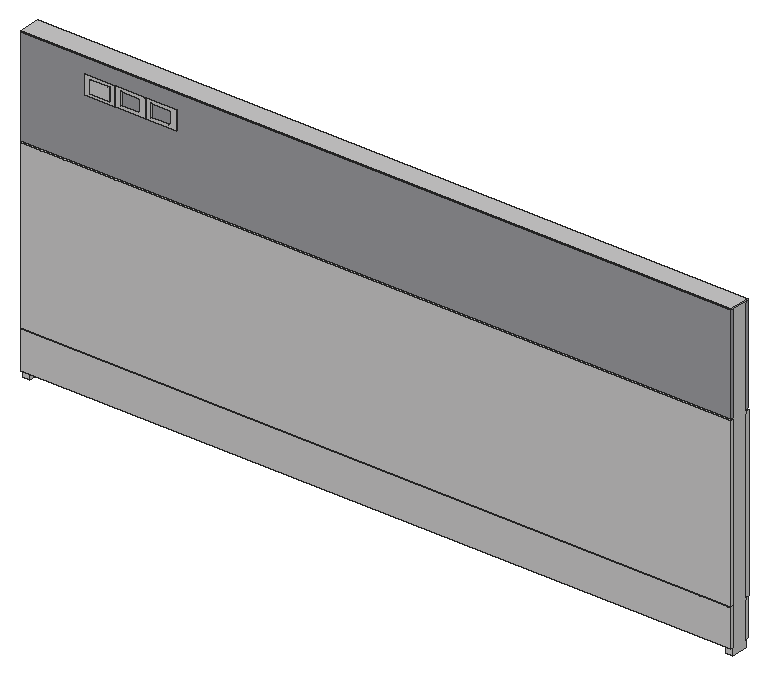
Revit family "System_Furniture-Height_Adjustable-Teknion-Typical-Freestanding_District_Open_02", category Furniture Systems, Revit 2014
Parameters (values of type "Flush 42x84")
  Tackable Fascia = Fabric - Teknion - S610 - Saturate Quarry
  Frame Constraint = if(Convertible Panel Wall, 0.4375", 0")  # 0"
  Frame = Paint - Teknion - Mica - V - Very White
  Flush Panel Material = Fabric - Teknion - S610 - Saturate Quarry
  Power Communications Fascia Material = Fabric - Teknion - S610 - Saturate Quarry
  Width = 96"
  URL = "http://www.teknion.com/"
  Trim = Paint - Teknion - Mica - V - Very White
  Top Trim [instance] = yes
  Sustainability Data = "http://www.teknion.com/about-teknion/environment/datasheets.asp"
  Pricing Guide = "http://www.teknion.com/pricing/ability/pdfs/ability.pdf"
  Panel Type = if(Convertible Panel Wall, 3.4375", 0")  # 0"
  Product Page URL = "http://www.teknion.com/pricing/district/pdfs/UNPC_ppg.pdf"
  Product Name = "District Panely Systems"  # constant formula
  Product Line = "District"  # constant formula
  Part Number = "See Pricing Guide"  # constant formula
  Model = "Convertible 29x84"
  Material = ""
  Mark = ""
  Manufacturer = "Teknion"  # constant formula
  Height = 42"
  Flush Panel Wall = not(Convertible Panel Wall)  # yes
  Disclaimer = "Please note that the Revit Model is for schematic purposes only.  To obtain a detailed list of sizes and prices, please go to the Teknions Price Guide at http://www.teknion.com/pricing/ability/pdfs/ability.pdf."  # constant formula
  Description = "Panel Wall"  # constant formula
  Convertible Panel Wall = no
  Contact Info = "info.us@teknion.com"
  Assembly Code = "E2020200"
  Additional Mat Finishes = "http://www.teknion.com/fabrics-finishes/list/ff_main.html"
  Fascia Material = Paint - Teknion - Mica - V - Very White
  Frames Note [instance] = if([2 Frames], "1 Frame has to be duplicated to make for 2 Frames", " ")  # "1 Frame has to be duplicated to make for 2 Frames"
  2 Frames [instance] = if(Width > 60", 1 = 1, 1 = 0)  # yes
  1 Frame [instance] = if(Width < 61", 1 = 1, 1 = 0)  # no
Reference planes (in)
  plane 1 "Center Front/Back": y = 0
  plane 2: z = 0
  plane 3 "Center Left/Right": x = 0
  plane 4 "Top": z = 42
  plane 5 "Bottom": z = 1
  plane 6 "Left": x = -48
  plane 7 "Right": x = 48
  plane 8 "Back": y = 1.5
  plane 9 "Front": y = -1.5
  plane 10: y = 1.125
  plane 11: y = -1.125
  plane 12: x = 47.25
  plane 13: x = -47.25
  plane 14: z = 4
  plane 15: z = 20
  plane 16: z = 42
  plane 17: y = -1.566
  plane 18: y = -1.6285
  plane 19: y = 1.566
  plane 20: y = 1.6285
  plane 21: z = 0
  plane 22: z = 42
  plane 23 "Fascia Top": z = 42
  plane 24: z = 42.125
  plane 25 "Whiteboard Top": z = 42
  plane 26: z = 0
  plane 27: z = 6
  plane 28: z = 6.125
  plane 29 "bottom base fascia": z = 1
  plane 30 "Bottom fascia top level": z = 28.85
  plane 31 "Top fascia mid level": z = 28.6
Forms (in)
  Extrusion 1, solid, material "Paint - Teknion - Mica - V - Very White" <- "Frame"
    sketch origin (0, -1.5, 0) x (-1, 0, 0) y (0, 0, 1)
      loop
        line (47, 4.5) -> (-47, 4.5) -> (-47, 3.5) -> (47, 3.5) -> (47, 4.5)
    from 0.375 to 2.625
  Extrusion 2, solid, material "Paint - Teknion - Mica - V - Very White" <- "Frame"
    sketch origin (0, -1.5, 0) x (-1, 0, 0) y (0, 0, 1)
      loop
        line (47, 0) -> (48, 0) -> (48, 42) -> (-48, 42) -> (-48, 0) -> (-47, 0) -> (-47, 41) -> (47, 41) -> (47, 0)
    from 0.375 to 2.625
  Extrusion 3, solid, material "Fabric - Teknion - S610 - Saturate Quarry" <- "Tackable Fascia"
    sketch origin (0, -1.5, 0) x (-1, 0, 0) y (0, 0, 1)
      loop
        line (48, 42) -> (-48, 42) -> (-48, 28.85) -> (48, 28.85) -> (48, 42)
    from 0 to 0.375
  Revolve 4, solid, visible <- "Convertible Panel Wall"
    sketch origin (0, 0, 0) x (1, 0, 0) y (0, 0, 1)
      loop
        line (-47.25, 1) -> (-47.96875, 1) -> (-47.96875, 0) -> (-47.25, 0) -> (-47.25, 1)
      axis (-47.25, 1) -> (-47.25, 0)
    angle from 0 to 360
  Revolve 5, solid, visible <- "Convertible Panel Wall"
    sketch origin (0, 0, 0) x (1, 0, 0) y (0, 0, 1)
      loop
        line (47.25, 1) -> (47.25, 0) -> (47.96875, 0) -> (47.96875, 1) -> (47.25, 1)
      axis (47.25, 1) -> (47.25, 0)
    angle from 0 to 360
  Extrusion 6, solid, material "Paint - Teknion - Mica - V - Very White" <- "Trim", visible <- "Top Trim"
    sketch origin (0, 0, 0) x (1, 0, 0) y (0, 1, 0)
      loop
        line (-48, 1.5) -> (-48, -1.5) -> (48, -1.5) -> (48, 1.5) -> (-48, 1.5)
    from 42 to 42.125
  Extrusion 7, solid, material "Paint - Teknion - Mica - V - Very White" <- "Fascia Material"
    sketch origin (0, -1.5, 0.5) x (-1, 0, 0) y (0, 0, 1)
      loop
        line (48, 5.5) -> (-48, 5.5) -> (-48, 0.5) -> (48, 0.5) -> (48, 5.5)
    from 0 to 0.375
  Extrusion 8, solid, material "Fabric - Teknion - S610 - Saturate Quarry" <- "Tackable Fascia"
    sketch origin (0, 1.125, 0) x (-1, 0, 0) y (0, 0, 1)
      loop
        line (48, 42) -> (-48, 42) -> (-48, 28.85) -> (48, 28.85) -> (48, 42)
    from 0 to 0.375
  Extrusion 9, solid, material "Paint - Teknion - Mica - V - Very White" <- "Fascia Material"
    sketch origin (0, 1.125, 0.5) x (-1, 0, 0) y (0, 0, 1)
      loop
        line (48, 5.5) -> (-48, 5.5) -> (-48, 0.5) -> (48, 0.5) -> (48, 5.5)
    from 0 to 0.375
  Extrusion 10, solid, material "Paint - Teknion - Mica - V - Very White" <- "Fascia Material"
    sketch origin (0, -1.5, -14.5) x (-1, 0, 0) y (0, 0, 1)
      loop
        line (48, 43.1) -> (-48, 43.1) -> (-48, 20.625) -> (48, 20.625) -> (48, 43.1)
    from 0 to 0.375
  Extrusion 11, solid, material "Paint - Teknion - Mica - V - Very White" <- "Fascia Material"
    sketch origin (1.54179, 1.125, -14.6692) x (-1, 0, 0) y (0, 0, 1)
      loop
        line (49.54179, 43.2692) -> (-46.45821, 43.2692) -> (-46.45821, 20.7942) -> (49.54179, 20.7942) -> (49.54179, 43.2692)
    from 0 to 0.375
Lines and regions (in)
  Masking region 1
    outline origin (0, 0, 0) x (1, 0, 0) y (0, 1, 0)
      loop
        line (-48, 1.5) -> (-48, -1.49946) -> (48, -1.49946) -> (48, 1.5) -> (-48, 1.5)
  Masking region 2
    outline origin (0, 0, 0) x (1, 0, 0) y (0, 1, 0)
      loop
        line (-39.25, 1.5) -> (-35.15625, 1.5) -> (-35.15625, 1.566) -> (-35.84375, 1.566) -> (-35.84375, 1.6285) -> (-38.4375, 1.6285) -> (-38.4375, 1.566) -> (-39.25, 1.566) -> (-39.25, 1.5)
      loop
        line (-35.09375, 1.5) -> (-31, 1.5) -> (-31, 1.566) -> (-35.09375, 1.566) -> (-35.09375, 1.5)
      loop
        line (-30.9375, 1.566) -> (-30.9375, 1.5) -> (-26.84375, 1.5) -> (-26.84375, 1.566) -> (-30.9375, 1.566)
  Masking region 3
    outline origin (0, 0, 0) x (1, 0, 0) y (0, 1, 0)
      loop
        line (-39.25, -1.5) -> (-39.25, -1.566) -> (-38.4375, -1.566) -> (-38.4375, -1.6285) -> (-35.84375, -1.6285) -> (-35.84375, -1.566) -> (-35.15625, -1.566) -> (-35.15625, -1.5) -> (-39.25, -1.5)
      loop
        line (-35.09375, -1.5) -> (-35.09375, -1.566) -> (-31, -1.566) -> (-31, -1.5) -> (-35.09375, -1.5)
      loop
        line (-30.9375, -1.5) -> (-30.9375, -1.566) -> (-26.84375, -1.566) -> (-26.84375, -1.5) -> (-30.9375, -1.5)
  symbolic lines
    curve 1: line (-39.25, 1.5, 0) -> (-35.15625, 1.5, 0)
    curve 2: line (-38.4375, 1.6285, 0) -> (-38.4375, 1.566, 0)
    curve 3: line (-35.84375, 1.6285, 0) -> (-38.4375, 1.6285, 0)
    curve 4: line (-35.84375, 1.566, 0) -> (-35.84375, 1.6285, 0)
Dimensions and locks (in)
  equal spacing: plane 7 "Right", plane 3 "Center Left/Right", plane 6 "Left"
  "Width": plane 7 "Right" to plane 6 "Left"
  equal spacing: plane 8 "Back", plane 1 "Center Front/Back", plane 9 "Front"
  locked: plane 8 "Back" to plane 9 "Front" at 3
  "Height": plane 4 "Top" to plane 2
  locked: plane 11 to plane 9 "Front" at 0.375
  locked: plane 8 "Back" to plane 10 at 0.375
  locked: plane 13 to plane 6 "Left" at 0.75
  locked: plane 7 "Right" to plane 12 at 0.75
  locked: plane 13 to Extrusion 1 sketch curve at 0.25
  locked: plane 12 to Extrusion 1 sketch curve at 0.25
  locked: Extrusion 2 sketch curve to plane 6 "Left" at 1
  locked: plane 7 "Right" to Extrusion 2 sketch curve at 1
  plane 4 "Top" to Extrusion 2 sketch curve = 1"
  locked: plane 4 "Top" to plane 16
  locked: plane 9 "Front" to plane 17 at 0.066
  locked: plane 17 to plane 18 at 0.0625
  plane 20 to plane 19 to plane 8 "Back" = 0.0625" locked, 0.066" locked
  locked: plane 14 to plane 5 "Bottom" at 3
  locked: Revolve 4 sketch curve to plane 13 at 0.71875
  locked: Revolve 5 sketch curve to plane 12 at 0.71875
  Extrusion 1 sketch curve to plane 14 to Extrusion 1 sketch curve = 0.5" locked, 0.5" locked
  plane 22 to plane 4 "Top" = 0"
  locked: plane 4 "Top" to plane 23 "Fascia Top"
  equal spacing: Extrusion 6 sketch curve, plane 1 "Center Front/Back", Extrusion 6 sketch curve
  Extrusion 6 sketch curve to Extrusion 6 sketch curve = 3"
  locked: plane 24 to plane 22 at 0.125
  locked: plane 4 "Top" to plane 25 "Whiteboard Top"
  "Frame Constraint": plane 26 to plane 2
  "Panel Type": plane 21 to plane 2
  locked: plane 27 to level at 6
  locked: plane 13 to nested 3 at 8
  locked: plane 24 to nested 3 at 2.125
  locked: plane 28 to plane 27 at 0.125
  plane 7 "Right" to Extrusion 3 = 96"
  locked: plane 29 "bottom base fascia" to level at 1
  locked: plane 30 "Bottom fascia top level" to level at 28.85
  locked: plane 30 "Bottom fascia top level" to plane 31 "Top fascia mid level" at 0.25
  locked: plane 5 "Bottom" to level at 1
  aligned and locked: level to plane 2
  aligned and locked: Extrusion 1 to plane 11
  aligned and locked: plane 10 to Extrusion 1
  aligned and locked: Extrusion 2 sketch curve to plane 7 "Right"
  aligned and locked: plane 6 "Left" to Extrusion 2 sketch curve
  aligned and locked: Extrusion 2 sketch curve to plane 4 "Top"
  aligned and locked: Extrusion 2 to plane 11
  aligned and locked: plane 10 to Extrusion 2
  aligned and locked: Extrusion 3 sketch curve to plane 7 "Right"
  aligned and locked: Extrusion 3 sketch curve to plane 16
  aligned and locked: plane 6 "Left" to Extrusion 3 sketch curve
  aligned and locked: plane 13 to Revolve 4 sketch curve  (x2)
  aligned and locked: plane 2 to Revolve 4 sketch curve
  aligned and locked: Revolve 4 sketch curve to plane 5 "Bottom"
  aligned and locked: Revolve 5 sketch curve to plane 12  (x2)
  aligned and locked: plane 5 "Bottom" to Revolve 5 sketch curve
  aligned and locked: plane 2 to Revolve 5 sketch curve
  aligned and locked: Extrusion 6 sketch curve to plane 6 "Left"
  aligned and locked: plane 7 "Right" to Extrusion 6 sketch curve
  aligned and locked: plane 22 to Extrusion 6
  aligned and locked: plane 24 to Extrusion 6
  aligned and locked: Extrusion 7 sketch curve to plane 7 "Right"
  aligned and locked: plane 6 "Left" to Extrusion 7 sketch curve
  aligned and locked: Extrusion 7 to plane 9 "Front"
  aligned and locked: Extrusion 7 to plane 11
  aligned and locked: Masking region 1 sketch curve to Extrusion 6
  aligned and locked: plane 3 "Center Left/Right" to nested 1
  aligned and locked: plane 11 to nested 1
  aligned and locked: nested 1 to plane 25 "Whiteboard Top"
  aligned and locked: Masking region 1 sketch curve to plane 8 "Back"
  aligned and locked: plane 26 to Extrusion 2 sketch curve
  aligned and locked: Extrusion 2 sketch curve to plane 26
  aligned and locked: Extrusion 7 sketch curve to plane 27
  aligned and locked: plane 27 to Extrusion 9 sketch curve
  aligned and locked: nested 2 to nested 3
  aligned and locked: nested 3 to nested 2
  aligned and locked: Extrusion 7 to plane 5 "Bottom"
  aligned and locked: Extrusion 9 to plane 5 "Bottom"
  aligned and locked: plane 28 to Extrusion 10
  aligned and locked: Extrusion 10 to plane 6 "Left"
  aligned and locked: plane 7 "Right" to Extrusion 10
  aligned and locked: Extrusion 10 to plane 31 "Top fascia mid level"
  aligned and locked: Extrusion 8 to plane 30 "Bottom fascia top level"
  aligned and locked: Extrusion 3 to plane 30 "Bottom fascia top level"
  aligned and locked: plane 7 "Right" to Extrusion 11
  aligned and locked: Extrusion 11 to plane 6 "Left"
  aligned and locked: Extrusion 11 to plane 31 "Top fascia mid level"
  aligned and locked: Extrusion 11 to plane 28
  aligned and locked: curve 1 to nested 2
  aligned and locked: Masking region 2 sketch curve to nested 2  (x15)
  aligned and locked: Masking region 3 sketch curve to nested 3  (x8)
Automatic sketch dimensions
  Extrusion 3 sketch curve to plane 30 "Bottom fascia top level" = 0"
  Revolve 4 sketch curve to level = 1.8458"
  plane 29 "bottom base fascia" to Revolve 4 sketch curve = 0.36888"
  Revolve 5 sketch curve to level = 1.8458"
  plane 29 "bottom base fascia" to Revolve 5 sketch curve = 0.36888"
  Extrusion 7 sketch curve to plane 5 "Bottom" = 0"
  Masking region 1 sketch curve to plane 7 "Right" = 0"
  plane 9 "Front" to Masking region 1 sketch curve = 0.00054"
  Extrusion 8 sketch curve to plane 4 "Top" = 0"
  Extrusion 8 sketch curve to plane 7 "Right" = 0"
  Extrusion 8 sketch curve to plane 6 "Left" = 0"
  Extrusion 8 sketch curve to plane 30 "Bottom fascia top level" = 0"
  Extrusion 9 sketch curve to plane 7 "Right" = 0"
  Extrusion 9 sketch curve to plane 5 "Bottom" = 0"
  Extrusion 9 sketch curve to plane 6 "Left" = 0"
  Extrusion 10 sketch curve to plane 7 "Right" = 0"
  Extrusion 10 sketch curve to plane 6 "Left" = 0"
  Extrusion 10 sketch curve to plane 28 = 0"
  Extrusion 10 sketch curve to plane 31 "Top fascia mid level" = 0"
  plane 7 "Right" to Extrusion 11 sketch curve = 0"
  plane 13 to Extrusion 11 sketch curve = 0.75"
  Extrusion 11 sketch curve to plane 15 = 13.875"
  plane 31 "Top fascia mid level" to Extrusion 11 sketch curve = 0"
  curve 3 to plane 20 = 0"
  curve 2 to plane 13 = 8.8125"
  curve 4 to plane 13 = 11.40625"
  plane 19 to curve 4 = 0"
  plane 19 to curve 2 = 0"
  curve 1 to plane 13 = 8"
  curve 1 to plane 13 = 12.09375"
  plane 19 to Masking region 2 sketch curve = 0"
  Masking region 3 sketch curve to plane 9 "Front" = 0"
  Masking region 3 sketch curve to plane 17 = 0"  (x2)
  plane 18 to Masking region 3 sketch curve = 0"
  Masking region 3 sketch curve to plane 13 = 8"
  Masking region 3 sketch curve to Masking region 3 sketch curve = 0.8125"
  Masking region 3 sketch curve to Masking region 3 sketch curve = 0.75"
  Masking region 3 sketch curve to Masking region 3 sketch curve = 0.0625"
Nested families (in)
  nested 1: "White Board" at (0, -1.125, 20), type "White Board", not visible
    with Whiteboard Tray no, Height Note "Available Heights: 22, 24, 30, 37 Inches", Height Constraint 22", Whiteboard Visibility no, Width 96"
  nested 2: "Power Communications Fascia" at (-33.04687, 1.5, 38.75) x (-1, 0, 0) z (0, 1, 0), type "Power Communications Fascia"
  nested 3: "Power Communications Fascia" at (-33.04687, -1.5, 38.75) x (-1, 0, 0) z (0, -1, 0), type "Power Communications Fascia"
Definition of nested family "Power Communications Fascia"
  Parameters (values of type "Power Communications Fascia")
    Default Elevation = 48"
    Communications Fascia = none
  Reference planes (in)
    plane 1 "Center (Front/Back)": y = 0
    plane 2: z = 0
    plane 3 "Center (Left/Right)": x = 0
    plane 4: y = 0.08671
    plane 5: y = 0
    plane 6: y = 0.08671
  Forms (in)
    Extrusion 1, solid
      sketch origin (0, 0, 0) x (1, 0, 0) y (0, 1, 0)
        loop
          line (-48, 48) -> (-48, -48) -> (48, -48) -> (48, 48) -> (-48, 48)
      from 0 to -12
    Extrusion 2, solid, material <- "Communications Fascia"
      sketch origin (-29.79228, -0.26737, -1.4375) x (0, 1, 0) y (-1, 0, 0)
        loop
          line (1.51737, -27.6829) -> (1.51737, -23.58915) -> (-0.98263, -23.58915) -> (-0.98263, -27.6829) -> (1.51737, -27.6829)
        loop
          line (1.51737, -31.83915) -> (1.51737, -27.7454) -> (-0.98263, -27.7454) -> (-0.98263, -31.83915) -> (1.51737, -31.83915)
        loop
          line (1.51737, -31.90165) -> (-0.98263, -31.90165) -> (-0.98263, -35.9954) -> (1.51737, -35.9954) -> (1.51737, -31.90165)
      from 1.4375 to 1.5035
    Extrusion 3, solid, material <- "Communications Fascia"
      sketch origin (-1.09375, 31.94627, 0.1945) x (-1, 0, 0) y (0, -1, 0)
        loop
          line (-3.89062, 32.82127) -> (-6.48437, 32.82127) -> (-6.48437, 31.07127) -> (-3.89062, 31.07127) -> (-3.89062, 32.82127)
      from -0.1285 to -0.066
    Extrusion 4, void
      sketch origin (2.98341, 25.60802, 0.1945) x (1, 0, 0) y (0, 1, 0)
        loop
          line (-4.28029, -26.48302) -> (-1.68654, -26.48302) -> (-1.68654, -24.73302) -> (-4.28029, -24.73302) -> (-4.28029, -26.48302)
        loop
          line (-5.78029, -26.48302) -> (-5.78029, -24.73302) -> (-8.37404, -24.73302) -> (-8.37404, -26.48302) -> (-5.78029, -26.48302)
      from -0.1945 to -0.1285
  Cuts and joins
    Extrusion 4 cuts Extrusion 2
  Dimensions and locks (in)
    Extrusion 2 sketch curve to Extrusion 2 sketch curve to Extrusion 2 sketch curve to Extrusion 2 sketch curve to Extrusion 2 sketch curve to Extrusion 2 sketch curve = 4.09375" locked, 0.0625" locked, 4.09375", 0.0625" locked, 4.09375" locked
    Extrusion 2 sketch curve to Extrusion 2 sketch curve to Extrusion 2 sketch curve to plane 4 to Extrusion 2 sketch curve to Extrusion 2 sketch curve to Extrusion 2 sketch curve = 0" locked, 0" locked, 1.33671" locked, 1.16329" locked, 0" locked, 0" locked
    locked: Extrusion 3 sketch curve to Extrusion 3 sketch curve at 2.59375
    Extrusion 3 sketch curve to plane 5 to Extrusion 3 sketch curve = 0.875" locked, 0.875" locked
    Extrusion 4 sketch curve to Extrusion 4 sketch curve to Extrusion 4 sketch curve to Extrusion 4 sketch curve = 2.59375" locked, 1.5" locked, 2.59375"
    Extrusion 4 sketch curve to Extrusion 4 sketch curve to plane 6 to Extrusion 4 sketch curve to Extrusion 4 sketch curve = 0" locked, 0.78829", 0.96171", 0" locked
    aligned and locked: plane 2 to Extrusion 1
    aligned and locked: level to Extrusion 1
Definition of nested family "White Board"
  Parameters (values of type "White Board")
    Whiteboard Visibility = yes
    Whiteboard = none
    Width = 24"
    Whiteboard Tray [instance] = yes
    Height Note [instance] = "Available Heights: 22, 24, 30, 37 Inches"  # constant formula
    Height Constraint [instance] = if(Height < 22", 22", if(Height > 37", 37", Height))  # 22"
    Height = 22"
  Reference planes (in)
    plane 1 "Center (Front/Back)": y = 0
    plane 2: z = 0
    plane 3 "Center (Left/Right)": x = 0
    plane 4: x = -12
    plane 5: x = 12
    plane 6: z = 22
  Forms (in)
    Extrusion 1, solid, material <- "Whiteboard", visible <- "Whiteboard Visibility"
      sketch origin (0, 0, 0) x (0, 1, 0) y (0, 0, 1)
        loop
          line (0, 22) -> (-0.375, 22) -> (-0.375, 0) -> (0, 0) -> (0, 22)
      from -12 to 12
    Extrusion 2, solid, material <- "Whiteboard", visible <- "Whiteboard Tray"
      sketch origin (0, 0, 0) x (0, 1, 0) y (0, 0, 1)
        loop
          line (-0.375, 0) -> (-0.375, 0.375) -> (-2.875, 0.375) -> (-2.875, 0) -> (-0.375, 0)
      from -12 to 12
  Dimensions and locks (in)
    "Height": plane 6 to plane 2
    equal spacing: plane 4, plane 3 "Center (Left/Right)", plane 5
    "Width": plane 4 to plane 5
    locked: plane 1 "Center (Front/Back)" to Extrusion 1 sketch curve at 0.375
    plane 1 "Center (Front/Back)" to Extrusion 2 sketch curve to Extrusion 2 sketch curve = 0.375" locked, 2.5" locked
    locked: Extrusion 2 sketch curve to plane 2 at 0.375
    aligned and locked: plane 2 to level
    aligned and locked: plane 4 to Extrusion 1
    aligned and locked: plane 5 to Extrusion 1
    aligned and locked: Extrusion 1 sketch curve to plane 1 "Center (Front/Back)"
    aligned and locked: Extrusion 2 sketch curve to plane 2
    aligned and locked: plane 4 to Extrusion 2
    aligned and locked: plane 5 to Extrusion 2
  Automatic sketch dimensions
    Extrusion 1 sketch curve to plane 6 = 0"
    Extrusion 1 sketch curve to level = 0"
